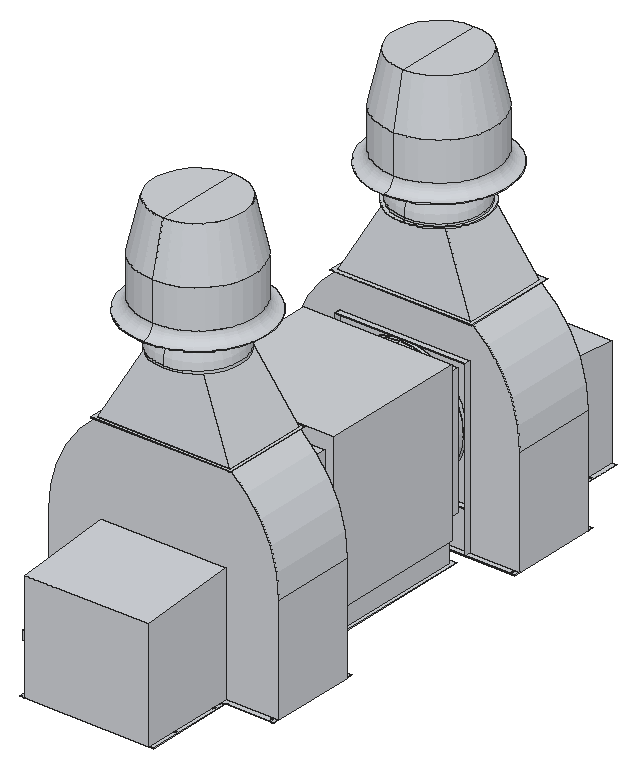
Revit family "CAVP_Opposed_with_Mixing_Box", category Mechanical Equipment, Revit 2019 (continued)
Types (228): name | TRANSITION/2 | TRANSITION | RO/2 | R-((B/2)+1.5") | R+((B/2)+1.5") | R*1.1 | R | OPP | MB_P-4.5" | MB_P+.25" | P | NOZZLE_WB_RAD-2" | NOZZLE_WB_RAD | NOZZLE_WB_OD | NOZZLE_WB/4 | NOZZLE_TOP_RAD | NOZZLE_TOP_OD | NOZZLE_SIZE | NOZZLE_HEIGHT/7*2 | NOZZLE_HEIGHT | NOZZLE_BOTTOM_RAD-3*2 | NOZZLE_BOTTOM_RAD | NOZZLE_BOTTOM_ID | MB_N-(D-J-K-L) | N+(H/2) | N | MB_Q | MB_P | MB_N | MB_HEIGHT/2 | MB_HEIGHT | MB_F | MB_A-D-MB_N-(D-J-K-L) | MB_A | M-(2*(D-L-K-J)) | M | L | K | J+K+L | J | HEIGHT | H/2 | H | F/2 | MB_F-3" | F | E/52*15 | E/2 | E | D-M | D-L-K-J | D | CURB_HEIGHT | CLASS | C/2 | C | B/4 | B/2 | B | A/2 | A | Type Comments | -MB_P-.25" | -(F-((F-H)/2))/2 | -((MB_Q / 2) + 1/8") | (NOZZLE_WB_OD - NOZZLE_TOP_OD) / 4 | (NOZZLE_HEIGHT - (NOZZLE_HEIGHT / 8 * 2)) / 2 | (MB_Q/2)+.125" | (MB_P/2)+.125" | (M - (2 * (D - L - K - J)))/2 | (F-((F-H)/2))/2 | (D-J-K-L)*2 | (B/2)-.125" | (B/2)+1.5" | ((M - (2 * (D - L - K - J))) / 2) + (TRANSITION / 2)
  365_CAVP-24H_CLASS_1_Dual_Opposed_Mixing_Box | 12.28598" | 24.57196" | 23 3/4" | 13 9/32" | 58 23/32" | 39.6" | 36" | 212" | 47 1/2" | 52 1/4" | 18 1/4" | 28 1/2" | 30 1/2" | 61" | 12.2" | 18 1/4" | 36 1/2" | 24" | 15 1/2" | 62" | 11 3/8" | 17 3/8" | 34 3/4" | 13 3/16" | 36 21/32" | 15 7/32" | 52" | 52" | 14 3/16" | 29 1/8" | 58 1/4" | 10 1/2" | 78 1/4" | 160 5/16" | 28 1/8" | 30 1/8" | 32 1/8" | 22 3/4" | 65 7/8" | 11" | 69.76237" | 21 7/16" | 42 7/8" | 22 7/16" | 7 1/2" | 44 7/8" | 22.30168" | 38 21/32" | 77 5/16" | 36 3/4" | 1" | 66 7/8" | 12" | 1" | 46 3/32" | 92 3/16" | 10 39/64" | 21 7/32" | 42 7/16" | 76 29/32" | 153 13/16" | "Dual Vari-Plume Laboratory Exhaust Centrifugal Airfoil Class 1 Arr 10 With Opposed Mixing Box" | -52 1/4" | -20 7/16" | -26 1/8" | 6 1/8" | 23 1/4" | 26 1/8" | 26 1/8" | 14 1/16" | 20 7/16" | 2" | 21 3/32" | 22 23/32" | 26.34848"
  365_CAVP-15L_CLASS_2_Dual_Opposed_Mixing_Box | 7.5572" | 15.11441" | 23 3/4" | 13 9/32" | 58 23/32" | 39.6" | 36" | 212 1/2" | 47 1/2" | 52 1/4" | 18 1/2" | 16" | 18" | 36" | 7.2" | 11 1/2" | 23" | 15" | 10 3/4" | 43" | 4 11/16" | 10 11/16" | 21 3/8" | 13 3/16" | 36 21/32" | 15 7/32" | 52" | 52" | 14 3/16" | 29 1/8" | 58 1/4" | 10 1/2" | 78 1/4" | 160 9/16" | 28 1/8" | 30 1/8" | 32 1/8" | 23" | 66 1/8" | 11" | 69.76237" | 21 7/16" | 42 7/8" | 22 7/16" | 7 1/2" | 44 7/8" | 22.30168" | 38 21/32" | 77 5/16" | 37" | 1" | 67 1/8" | 12" | 2" | 46 3/32" | 92 3/16" | 10 39/64" | 21 7/32" | 42 7/16" | 76 29/32" | 153 13/16" | "Dual Vari-Plume Laboratory Exhaust Centrifugal Airfoil Class 2 Arr 10 With Opposed Mixing Box" | -52 1/4" | -20 7/16" | -26 1/8" | 3 1/4" | 16 1/8" | 26 1/8" | 26 1/8" | 14 1/16" | 20 7/16" | 2" | 21 3/32" | 22 23/32" | 21.6197"
  365_CAVP-15H_CLASS_2_Dual_Opposed_Mixing_Box | 7.5572" | 15.11441" | 23 3/4" | 13 9/32" | 58 23/32" | 39.6" | 36" | 212 1/2" | 47 1/2" | 52 1/4" | 18 1/2" | 16" | 18" | 36" | 7.2" | 11 1/2" | 23" | 15" | 10 3/4" | 43" | 4 11/16" | 10 11/16" | 21 3/8" | 13 3/16" | 36 21/32" | 15 7/32" | 52" | 52" | 14 3/16" | 29 1/8" | 58 1/4" | 10 1/2" | 78 1/4" | 160 9/16" | 28 1/8" | 30 1/8" | 32 1/8" | 23" | 66 1/8" | 11" | 69.76237" | 21 7/16" | 42 7/8" | 22 7/16" | 7 1/2" | 44 7/8" | 22.30168" | 38 21/32" | 77 5/16" | 37" | 1" | 67 1/8" | 12" | 2" | 46 3/32" | 92 3/16" | 10 39/64" | 21 7/32" | 42 7/16" | 76 29/32" | 153 13/16" | "Dual Vari-Plume Laboratory Exhaust Centrifugal Airfoil Class 2 Arr 10 With Opposed Mixing Box" | -52 1/4" | -20 7/16" | -26 1/8" | 3 1/4" | 16 1/8" | 26 1/8" | 26 1/8" | 14 1/16" | 20 7/16" | 2" | 21 3/32" | 22 23/32" | 21.6197"
  365_CAVP-18L_CLASS_2_Dual_Opposed_Mixing_Box | 9.05981" | 18.11961" | 23 3/4" | 13 9/32" | 58 23/32" | 39.6" | 36" | 212 1/2" | 47 1/2" | 52 1/4" | 18 1/2" | 19 1/2" | 21 1/2" | 43" | 8.6" | 13 3/4" | 27 1/2" | 18" | 12" | 48" | 6 13/16" | 12 13/16" | 25 5/8" | 13 3/16" | 36 21/32" | 15 7/32" | 52" | 52" | 14 3/16" | 29 1/8" | 58 1/4" | 10 1/2" | 78 1/4" | 160 9/16" | 28 1/8" | 30 1/8" | 32 1/8" | 23" | 66 1/8" | 11" | 69.76237" | 21 7/16" | 42 7/8" | 22 7/16" | 7 1/2" | 44 7/8" | 22.30168" | 38 21/32" | 77 5/16" | 37" | 1" | 67 1/8" | 12" | 2" | 46 3/32" | 92 3/16" | 10 39/64" | 21 7/32" | 42 7/16" | 76 29/32" | 153 13/16" | "Dual Vari-Plume Laboratory Exhaust Centrifugal Airfoil Class 2 Arr 10 With Opposed Mixing Box" | -52 1/4" | -20 7/16" | -26 1/8" | 3 7/8" | 18" | 26 1/8" | 26 1/8" | 14 1/16" | 20 7/16" | 2" | 21 3/32" | 22 23/32" | 23.12231"
  365_CAVP-18H_CLASS_2_Dual_Opposed_Mixing_Box | 9.05981" | 18.11961" | 23 3/4" | 13 9/32" | 58 23/32" | 39.6" | 36" | 212 1/2" | 47 1/2" | 52 1/4" | 18 1/2" | 19 1/2" | 21 1/2" | 43" | 8.6" | 13 3/4" | 27 1/2" | 18" | 12" | 48" | 6 13/16" | 12 13/16" | 25 5/8" | 13 3/16" | 36 21/32" | 15 7/32" | 52" | 52" | 14 3/16" | 29 1/8" | 58 1/4" | 10 1/2" | 78 1/4" | 160 9/16" | 28 1/8" | 30 1/8" | 32 1/8" | 23" | 66 1/8" | 11" | 69.76237" | 21 7/16" | 42 7/8" | 22 7/16" | 7 1/2" | 44 7/8" | 22.30168" | 38 21/32" | 77 5/16" | 37" | 1" | 67 1/8" | 12" | 2" | 46 3/32" | 92 3/16" | 10 39/64" | 21 7/32" | 42 7/16" | 76 29/32" | 153 13/16" | "Dual Vari-Plume Laboratory Exhaust Centrifugal Airfoil Class 2 Arr 10 With Opposed Mixing Box" | -52 1/4" | -20 7/16" | -26 1/8" | 3 7/8" | 18" | 26 1/8" | 26 1/8" | 14 1/16" | 20 7/16" | 2" | 21 3/32" | 22 23/32" | 23.12231"
  365_CAVP-24L_CLASS_2_Dual_Opposed_Mixing_Box | 12.28598" | 24.57196" | 23 3/4" | 13 9/32" | 58 23/32" | 39.6" | 36" | 212 1/2" | 47 1/2" | 52 1/4" | 18 1/2" | 28 1/2" | 30 1/2" | 61" | 12.2" | 18 1/4" | 36 1/2" | 24" | 15 1/2" | 62" | 11 3/8" | 17 3/8" | 34 3/4" | 13 3/16" | 36 21/32" | 15 7/32" | 52" | 52" | 14 3/16" | 29 1/8" | 58 1/4" | 10 1/2" | 78 1/4" | 160 9/16" | 28 1/8" | 30 1/8" | 32 1/8" | 23" | 66 1/8" | 11" | 69.76237" | 21 7/16" | 42 7/8" | 22 7/16" | 7 1/2" | 44 7/8" | 22.30168" | 38 21/32" | 77 5/16" | 37" | 1" | 67 1/8" | 12" | 2" | 46 3/32" | 92 3/16" | 10 39/64" | 21 7/32" | 42 7/16" | 76 29/32" | 153 13/16" | "Dual Vari-Plume Laboratory Exhaust Centrifugal Airfoil Class 2 Arr 10 With Opposed Mixing Box" | -52 1/4" | -20 7/16" | -26 1/8" | 6 1/8" | 23 1/4" | 26 1/8" | 26 1/8" | 14 1/16" | 20 7/16" | 2" | 21 3/32" | 22 23/32" | 26.34848"
  365_CAVP-24H_CLASS_2_Dual_Opposed_Mixing_Box | 12.28598" | 24.57196" | 23 3/4" | 13 9/32" | 58 23/32" | 39.6" | 36" | 212 1/2" | 47 1/2" | 52 1/4" | 18 1/2" | 28 1/2" | 30 1/2" | 61" | 12.2" | 18 1/4" | 36 1/2" | 24" | 15 1/2" | 62" | 11 3/8" | 17 3/8" | 34 3/4" | 13 3/16" | 36 21/32" | 15 7/32" | 52" | 52" | 14 3/16" | 29 1/8" | 58 1/4" | 10 1/2" | 78 1/4" | 160 9/16" | 28 1/8" | 30 1/8" | 32 1/8" | 23" | 66 1/8" | 11" | 69.76237" | 21 7/16" | 42 7/8" | 22 7/16" | 7 1/2" | 44 7/8" | 22.30168" | 38 21/32" | 77 5/16" | 37" | 1" | 67 1/8" | 12" | 2" | 46 3/32" | 92 3/16" | 10 39/64" | 21 7/32" | 42 7/16" | 76 29/32" | 153 13/16" | "Dual Vari-Plume Laboratory Exhaust Centrifugal Airfoil Class 2 Arr 10 With Opposed Mixing Box" | -52 1/4" | -20 7/16" | -26 1/8" | 6 1/8" | 23 1/4" | 26 1/8" | 26 1/8" | 14 1/16" | 20 7/16" | 2" | 21 3/32" | 22 23/32" | 26.34848"
  402_CAVP-18L_CLASS_1_Dual_Opposed_Mixing_Box | 9.05981" | 18.11961" | 25 3/4" | 15 29/32" | 64 3/32" | 44" | 40" | 225 1/2" | 51 1/2" | 56 1/4" | 18 1/4" | 19 1/2" | 21 1/2" | 43" | 8.6" | 13 3/4" | 27 1/2" | 18" | 12" | 48" | 6 13/16" | 12 13/16" | 25 5/8" | 12 3/16" | 40 15/32" | 17 3/32" | 56" | 56" | 13 9/16" | 32 1/4" | 64 1/2" | 12 5/8" | 83 7/8" | 171 1/16" | 31 1/2" | 34 1/4" | 36 1/2" | 21 7/8" | 70 7/8" | 12 1/2" | 77.09221" | 23 3/8" | 46 3/4" | 24 3/8" | 9 5/8" | 48 3/4" | 24.5012" | 42 15/32" | 84 15/16" | 38" | 1 3/8" | 72 1/4" | 12" | 1" | 50 3/8" | 100 3/4" | 11 19/64" | 22 19/32" | 45 3/16" | 89 3/8" | 178 3/4" | "Dual Vari-Plume Laboratory Exhaust Centrifugal Airfoil Class 1 Arr 10 With Opposed Mixing Box" | -56 1/4" | -22 3/8" | -28 1/8" | 3 7/8" | 18" | 28 1/8" | 28 1/8" | 15 3/4" | 22 3/8" | 2 3/4" | 22 15/32" | 24 3/32" | 24.80981"
  402_CAVP-18H_CLASS_1_Dual_Opposed_Mixing_Box | 9.05981" | 18.11961" | 25 3/4" | 15 29/32" | 64 3/32" | 44" | 40" | 225 1/2" | 51 1/2" | 56 1/4" | 18 1/4" | 19 1/2" | 21 1/2" | 43" | 8.6" | 13 3/4" | 27 1/2" | 18" | 12" | 48" | 6 13/16" | 12 13/16" | 25 5/8" | 12 3/16" | 40 15/32" | 17 3/32" | 56" | 56" | 13 9/16" | 32 1/4" | 64 1/2" | 12 5/8" | 83 7/8" | 171 1/16" | 31 1/2" | 34 1/4" | 36 1/2" | 21 7/8" | 70 7/8" | 12 1/2" | 77.09221" | 23 3/8" | 46 3/4" | 24 3/8" | 9 5/8" | 48 3/4" | 24.5012" | 42 15/32" | 84 15/16" | 38" | 1 3/8" | 72 1/4" | 12" | 1" | 50 3/8" | 100 3/4" | 11 19/64" | 22 19/32" | 45 3/16" | 89 3/8" | 178 3/4" | "Dual Vari-Plume Laboratory Exhaust Centrifugal Airfoil Class 1 Arr 10 With Opposed Mixing Box" | -56 1/4" | -22 3/8" | -28 1/8" | 3 7/8" | 18" | 28 1/8" | 28 1/8" | 15 3/4" | 22 3/8" | 2 3/4" | 22 15/32" | 24 3/32" | 24.80981"
  402_CAVP-24L_CLASS_1_Dual_Opposed_Mixing_Box | 12.28598" | 24.57196" | 25 3/4" | 15 29/32" | 64 3/32" | 44" | 40" | 225 1/2" | 51 1/2" | 56 1/4" | 18 1/4" | 28 1/2" | 30 1/2" | 61" | 12.2" | 18 1/4" | 36 1/2" | 24" | 15 1/2" | 62" | 11 3/8" | 17 3/8" | 34 3/4" | 12 3/16" | 40 15/32" | 17 3/32" | 56" | 56" | 13 9/16" | 32 1/4" | 64 1/2" | 12 5/8" | 83 7/8" | 171 1/16" | 31 1/2" | 34 1/4" | 36 1/2" | 21 7/8" | 70 7/8" | 12 1/2" | 77.09221" | 23 3/8" | 46 3/4" | 24 3/8" | 9 5/8" | 48 3/4" | 24.5012" | 42 15/32" | 84 15/16" | 38" | 1 3/8" | 72 1/4" | 12" | 1" | 50 3/8" | 100 3/4" | 11 19/64" | 22 19/32" | 45 3/16" | 89 3/8" | 178 3/4" | "Dual Vari-Plume Laboratory Exhaust Centrifugal Airfoil Class 1 Arr 10 With Opposed Mixing Box" | -56 1/4" | -22 3/8" | -28 1/8" | 6 1/8" | 23 1/4" | 28 1/8" | 28 1/8" | 15 3/4" | 22 3/8" | 2 3/4" | 22 15/32" | 24 3/32" | 28.03598"
  402_CAVP-24H_CLASS_1_Dual_Opposed_Mixing_Box | 12.28598" | 24.57196" | 25 3/4" | 15 29/32" | 64 3/32" | 44" | 40" | 225 1/2" | 51 1/2" | 56 1/4" | 18 1/4" | 28 1/2" | 30 1/2" | 61" | 12.2" | 18 1/4" | 36 1/2" | 24" | 15 1/2" | 62" | 11 3/8" | 17 3/8" | 34 3/4" | 12 3/16" | 40 15/32" | 17 3/32" | 56" | 56" | 13 9/16" | 32 1/4" | 64 1/2" | 12 5/8" | 83 7/8" | 171 1/16" | 31 1/2" | 34 1/4" | 36 1/2" | 21 7/8" | 70 7/8" | 12 1/2" | 77.09221" | 23 3/8" | 46 3/4" | 24 3/8" | 9 5/8" | 48 3/4" | 24.5012" | 42 15/32" | 84 15/16" | 38" | 1 3/8" | 72 1/4" | 12" | 1" | 50 3/8" | 100 3/4" | 11 19/64" | 22 19/32" | 45 3/16" | 89 3/8" | 178 3/4" | "Dual Vari-Plume Laboratory Exhaust Centrifugal Airfoil Class 1 Arr 10 With Opposed Mixing Box" | -56 1/4" | -22 3/8" | -28 1/8" | 6 1/8" | 23 1/4" | 28 1/8" | 28 1/8" | 15 3/4" | 22 3/8" | 2 3/4" | 22 15/32" | 24 3/32" | 28.03598"
  402_CAVP-30L_CLASS_1_Dual_Opposed_Mixing_Box | 15.02602" | 30.05204" | 25 3/4" | 15 29/32" | 64 3/32" | 44" | 40" | 225 1/2" | 51 1/2" | 56 1/4" | 18 1/4" | 35" | 37" | 74" | 14.8" | 22 3/4" | 45 1/2" | 30" | 19 1/2" | 78" | 15 1/4" | 21 1/4" | 42 1/2" | 12 3/16" | 40 15/32" | 17 3/32" | 56" | 56" | 13 9/16" | 32 1/4" | 64 1/2" | 12 5/8" | 83 7/8" | 171 1/16" | 31 1/2" | 34 1/4" | 36 1/2" | 21 7/8" | 70 7/8" | 12 1/2" | 77.09221" | 23 3/8" | 46 3/4" | 24 3/8" | 9 5/8" | 48 3/4" | 24.5012" | 42 15/32" | 84 15/16" | 38" | 1 3/8" | 72 1/4" | 12" | 1" | 50 3/8" | 100 3/4" | 11 19/64" | 22 19/32" | 45 3/16" | 89 3/8" | 178 3/4" | "Dual Vari-Plume Laboratory Exhaust Centrifugal Airfoil Class 1 Arr 10 With Opposed Mixing Box" | -56 1/4" | -22 3/8" | -28 1/8" | 7 1/8" | 29 1/4" | 28 1/8" | 28 1/8" | 15 3/4" | 22 3/8" | 2 3/4" | 22 15/32" | 24 3/32" | 30.77602"
  402_CAVP-30H_CLASS_1_Dual_Opposed_Mixing_Box | 15.02602" | 30.05204" | 25 3/4" | 15 29/32" | 64 3/32" | 44" | 40" | 225 1/2" | 51 1/2" | 56 1/4" | 18 1/4" | 35" | 37" | 74" | 14.8" | 22 3/4" | 45 1/2" | 30" | 19 1/2" | 78" | 15 1/4" | 21 1/4" | 42 1/2" | 12 3/16" | 40 15/32" | 17 3/32" | 56" | 56" | 13 9/16" | 32 1/4" | 64 1/2" | 12 5/8" | 83 7/8" | 171 1/16" | 31 1/2" | 34 1/4" | 36 1/2" | 21 7/8" | 70 7/8" | 12 1/2" | 77.09221" | 23 3/8" | 46 3/4" | 24 3/8" | 9 5/8" | 48 3/4" | 24.5012" | 42 15/32" | 84 15/16" | 38" | 1 3/8" | 72 1/4" | 12" | 1" | 50 3/8" | 100 3/4" | 11 19/64" | 22 19/32" | 45 3/16" | 89 3/8" | 178 3/4" | "Dual Vari-Plume Laboratory Exhaust Centrifugal Airfoil Class 1 Arr 10 With Opposed Mixing Box" | -56 1/4" | -22 3/8" | -28 1/8" | 7 1/8" | 29 1/4" | 28 1/8" | 28 1/8" | 15 3/4" | 22 3/8" | 2 3/4" | 22 15/32" | 24 3/32" | 30.77602"
  402_CAVP-18L_CLASS_2_Dual_Opposed_Mixing_Box | 9.05981" | 18.11961" | 25 3/4" | 15 29/32" | 64 3/32" | 44" | 40" | 225 1/2" | 51 1/2" | 56 1/4" | 19 1/2" | 19 1/2" | 21 1/2" | 43" | 8.6" | 13 3/4" | 27 1/2" | 18" | 12" | 48" | 6 13/16" | 12 13/16" | 25 5/8" | 12 3/16" | 40 15/32" | 17 3/32" | 56" | 56" | 13 9/16" | 32 1/4" | 64 1/2" | 12 5/8" | 83 7/8" | 171 1/16" | 31 1/2" | 34 1/4" | 36 1/2" | 21 7/8" | 70 7/8" | 12 1/2" | 77.09221" | 23 3/8" | 46 3/4" | 24 3/8" | 9 5/8" | 48 3/4" | 24.5012" | 42 15/32" | 84 15/16" | 38" | 1 3/8" | 72 1/4" | 12" | 2" | 50 3/8" | 100 3/4" | 11 19/64" | 22 19/32" | 45 3/16" | 89 3/8" | 178 3/4" | "Dual Vari-Plume Laboratory Exhaust Centrifugal Airfoil Class 2 Arr 10 With Opposed Mixing Box" | -56 1/4" | -22 3/8" | -28 1/8" | 3 7/8" | 18" | 28 1/8" | 28 1/8" | 15 3/4" | 22 3/8" | 2 3/4" | 22 15/32" | 24 3/32" | 24.80981"
  402_CAVP-18H_CLASS_2_Dual_Opposed_Mixing_Box | 9.05981" | 18.11961" | 25 3/4" | 15 29/32" | 64 3/32" | 44" | 40" | 225 1/2" | 51 1/2" | 56 1/4" | 19 1/2" | 19 1/2" | 21 1/2" | 43" | 8.6" | 13 3/4" | 27 1/2" | 18" | 12" | 48" | 6 13/16" | 12 13/16" | 25 5/8" | 12 3/16" | 40 15/32" | 17 3/32" | 56" | 56" | 13 9/16" | 32 1/4" | 64 1/2" | 12 5/8" | 83 7/8" | 171 1/16" | 31 1/2" | 34 1/4" | 36 1/2" | 21 7/8" | 70 7/8" | 12 1/2" | 77.09221" | 23 3/8" | 46 3/4" | 24 3/8" | 9 5/8" | 48 3/4" | 24.5012" | 42 15/32" | 84 15/16" | 38" | 1 3/8" | 72 1/4" | 12" | 2" | 50 3/8" | 100 3/4" | 11 19/64" | 22 19/32" | 45 3/16" | 89 3/8" | 178 3/4" | "Dual Vari-Plume Laboratory Exhaust Centrifugal Airfoil Class 2 Arr 10 With Opposed Mixing Box" | -56 1/4" | -22 3/8" | -28 1/8" | 3 7/8" | 18" | 28 1/8" | 28 1/8" | 15 3/4" | 22 3/8" | 2 3/4" | 22 15/32" | 24 3/32" | 24.80981"
  402_CAVP-24L_CLASS_2_Dual_Opposed_Mixing_Box | 12.28598" | 24.57196" | 25 3/4" | 15 29/32" | 64 3/32" | 44" | 40" | 223 5/8" | 51 1/2" | 56 1/4" | 19 1/2" | 28 1/2" | 30 1/2" | 61" | 12.2" | 18 1/4" | 36 1/2" | 24" | 15 1/2" | 62" | 11 3/8" | 17 3/8" | 34 3/4" | 11 1/4" | 40 15/32" | 17 3/32" | 56" | 56" | 12 5/8" | 32 1/4" | 64 1/2" | 12 5/8" | 84 13/16" | 171 1/16" | 31 1/2" | 34 1/4" | 36 1/2" | 21 7/8" | 70 7/8" | 12 1/2" | 77.09221" | 23 3/8" | 46 3/4" | 24 3/8" | 9 5/8" | 48 3/4" | 24.5012" | 42 15/32" | 84 15/16" | 38" | 1 3/8" | 72 1/4" | 12" | 2" | 50 3/8" | 100 3/4" | 11 19/64" | 22 19/32" | 45 3/16" | 89 3/8" | 178 3/4" | "Dual Vari-Plume Laboratory Exhaust Centrifugal Airfoil Class 2 Arr 10 With Opposed Mixing Box" | -56 1/4" | -22 3/8" | -28 1/8" | 6 1/8" | 23 1/4" | 28 1/8" | 28 1/8" | 15 3/4" | 22 3/8" | 2 3/4" | 22 15/32" | 24 3/32" | 28.03598"
  402_CAVP-24H_CLASS_2_Dual_Opposed_Mixing_Box | 12.28598" | 24.57196" | 25 3/4" | 15 29/32" | 64 3/32" | 44" | 40" | 225 1/2" | 51 1/2" | 56 1/4" | 19 1/2" | 28 1/2" | 30 1/2" | 61" | 12.2" | 18 1/4" | 36 1/2" | 24" | 15 1/2" | 62" | 11 3/8" | 17 3/8" | 34 3/4" | 12 3/16" | 40 15/32" | 17 3/32" | 56" | 56" | 13 9/16" | 32 1/4" | 64 1/2" | 12 5/8" | 83 7/8" | 171 1/16" | 31 1/2" | 34 1/4" | 36 1/2" | 21 7/8" | 70 7/8" | 12 1/2" | 77.09221" | 23 3/8" | 46 3/4" | 24 3/8" | 9 5/8" | 48 3/4" | 24.5012" | 42 15/32" | 84 15/16" | 38" | 1 3/8" | 72 1/4" | 12" | 2" | 50 3/8" | 100 3/4" | 11 19/64" | 22 19/32" | 45 3/16" | 89 3/8" | 178 3/4" | "Dual Vari-Plume Laboratory Exhaust Centrifugal Airfoil Class 2 Arr 10 With Opposed Mixing Box" | -56 1/4" | -22 3/8" | -28 1/8" | 6 1/8" | 23 1/4" | 28 1/8" | 28 1/8" | 15 3/4" | 22 3/8" | 2 3/4" | 22 15/32" | 24 3/32" | 28.03598"
  402_CAVP-30L_CLASS_2_Dual_Opposed_Mixing_Box | 15.02602" | 30.05204" | 25 3/4" | 15 29/32" | 64 3/32" | 44" | 40" | 225 1/2" | 51 1/2" | 56 1/4" | 19 1/2" | 35" | 37" | 74" | 14.8" | 22 3/4" | 45 1/2" | 30" | 19 1/2" | 78" | 15 1/4" | 21 1/4" | 42 1/2" | 12 3/16" | 40 15/32" | 17 3/32" | 56" | 56" | 13 9/16" | 32 1/4" | 64 1/2" | 12 5/8" | 83 7/8" | 171 1/16" | 31 1/2" | 34 1/4" | 36 1/2" | 21 7/8" | 70 7/8" | 12 1/2" | 77.09221" | 23 3/8" | 46 3/4" | 24 3/8" | 9 5/8" | 48 3/4" | 24.5012" | 42 15/32" | 84 15/16" | 38" | 1 3/8" | 72 1/4" | 12" | 2" | 50 3/8" | 100 3/4" | 11 19/64" | 22 19/32" | 45 3/16" | 89 3/8" | 178 3/4" | "Dual Vari-Plume Laboratory Exhaust Centrifugal Airfoil Class 2 Arr 10 With Opposed Mixing Box" | -56 1/4" | -22 3/8" | -28 1/8" | 7 1/8" | 29 1/4" | 28 1/8" | 28 1/8" | 15 3/4" | 22 3/8" | 2 3/4" | 22 15/32" | 24 3/32" | 30.77602"
  402_CAVP-30H_CLASS_2_Dual_Opposed_Mixing_Box | 15.02602" | 30.05204" | 25 3/4" | 15 29/32" | 64 3/32" | 44" | 40" | 225 1/2" | 51 1/2" | 56 1/4" | 19 1/2" | 35" | 37" | 74" | 14.8" | 22 3/4" | 45 1/2" | 30" | 19 1/2" | 78" | 15 1/4" | 21 1/4" | 42 1/2" | 12 3/16" | 40 15/32" | 17 3/32" | 56" | 56" | 13 9/16" | 32 1/4" | 64 1/2" | 12 5/8" | 83 7/8" | 171 1/16" | 31 1/2" | 34 1/4" | 36 1/2" | 21 7/8" | 70 7/8" | 12 1/2" | 77.09221" | 23 3/8" | 46 3/4" | 24 3/8" | 9 5/8" | 48 3/4" | 24.5012" | 42 15/32" | 84 15/16" | 38" | 1 3/8" | 72 1/4" | 12" | 2" | 50 3/8" | 100 3/4" | 11 19/64" | 22 19/32" | 45 3/16" | 89 3/8" | 178 3/4" | "Dual Vari-Plume Laboratory Exhaust Centrifugal Airfoil Class 2 Arr 10 With Opposed Mixing Box" | -56 1/4" | -22 3/8" | -28 1/8" | 7 1/8" | 29 1/4" | 28 1/8" | 28 1/8" | 15 3/4" | 22 3/8" | 2 3/4" | 22 15/32" | 24 3/32" | 30.77602"
  445_CAVP-24H_CLASS_1_Dual_Opposed_Mixing_Box | 12.28598" | 24.57196" | 27 3/4" | 17 25/32" | 70 7/32" | 48.4" | 44" | 245" | 55 1/2" | 60 1/4" | 18 1/4" | 28 1/2" | 30 1/2" | 61" | 12.2" | 18 1/4" | 36 1/2" | 24" | 15 1/2" | 62" | 11 3/8" | 17 3/8" | 34 3/4" | 12 3/16" | 44 27/32" | 19 15/32" | 60" | 60" | 13 9/16" | 34 7/8" | 69 3/4" | 14 1/2" | 91 1/4" | 186 3/16" | 34 3/4" | 37 1/2" | 39 3/4" | 25 7/8" | 78 5/8" | 13" | 84.91333" | 25 3/8" | 50 3/4" | 26 3/8" | 11 1/2" | 52 3/4" | 27.02524" | 46 27/32" | 93 11/16" | 42 1/2" | 1 3/8" | 80" | 12" | 1" | 56 7/16" | 112 7/8" | 12 23/64" | 24 23/32" | 49 7/16" | 95 7/16" | 190 7/8" | "Dual Vari-Plume Laboratory Exhaust Centrifugal Airfoil Class 1 Arr 10 With Opposed Mixing Box" | -60 1/4" | -24 3/8" | -30 1/8" | 6 1/8" | 23 1/4" | 30 1/8" | 30 1/8" | 17 3/8" | 24 3/8" | 2 3/4" | 24 19/32" | 26 7/32" | 29.66098"
  445_CAVP-24L_CLASS_1_Dual_Opposed_Mixing_Box | 12.28598" | 24.57196" | 27 3/4" | 17 25/32" | 70 7/32" | 48.4" | 44" | 245" | 55 1/2" | 60 1/4" | 18 1/4" | 28 1/2" | 30 1/2" | 61" | 12.2" | 18 1/4" | 36 1/2" | 24" | 15 1/2" | 62" | 11 3/8" | 17 3/8" | 34 3/4" | 12 3/16" | 44 27/32" | 19 15/32" | 60" | 60" | 13 9/16" | 34 7/8" | 69 3/4" | 14 1/2" | 91 1/4" | 186 3/16" | 34 3/4" | 37 1/2" | 39 3/4" | 25 7/8" | 78 5/8" | 13" | 84.91333" | 25 3/8" | 50 3/4" | 26 3/8" | 11 1/2" | 52 3/4" | 27.02524" | 46 27/32" | 93 11/16" | 42 1/2" | 1 3/8" | 80" | 12" | 1" | 56 7/16" | 112 7/8" | 12 23/64" | 24 23/32" | 49 7/16" | 95 7/16" | 190 7/8" | "Dual Vari-Plume Laboratory Exhaust Centrifugal Airfoil Class 1 Arr 10 With Opposed Mixing Box" | -60 1/4" | -24 3/8" | -30 1/8" | 6 1/8" | 23 1/4" | 30 1/8" | 30 1/8" | 17 3/8" | 24 3/8" | 2 3/4" | 24 19/32" | 26 7/32" | 29.66098"
  445_CAVP-30H_CLASS_1_Dual_Opposed_Mixing_Box | 15.02602" | 30.05204" | 27 3/4" | 17 25/32" | 70 7/32" | 48.4" | 44" | 245" | 55 1/2" | 60 1/4" | 18 1/4" | 35" | 37" | 74" | 14.8" | 22 3/4" | 45 1/2" | 30" | 19 1/2" | 78" | 15 1/4" | 21 1/4" | 42 1/2" | 12 3/16" | 44 27/32" | 19 15/32" | 60" | 60" | 13 9/16" | 34 7/8" | 69 3/4" | 14 1/2" | 91 1/4" | 186 3/16" | 34 3/4" | 37 1/2" | 39 3/4" | 25 7/8" | 78 5/8" | 13" | 84.91333" | 25 3/8" | 50 3/4" | 26 3/8" | 11 1/2" | 52 3/4" | 27.02524" | 46 27/32" | 93 11/16" | 42 1/2" | 1 3/8" | 80" | 12" | 1" | 56 7/16" | 112 7/8" | 12 23/64" | 24 23/32" | 49 7/16" | 95 7/16" | 190 7/8" | "Dual Vari-Plume Laboratory Exhaust Centrifugal Airfoil Class 1 Arr 10 With Opposed Mixing Box" | -60 1/4" | -24 3/8" | -30 1/8" | 7 1/8" | 29 1/4" | 30 1/8" | 30 1/8" | 17 3/8" | 24 3/8" | 2 3/4" | 24 19/32" | 26 7/32" | 32.40102"
  445_CAVP-30L_CLASS_1_Dual_Opposed_Mixing_Box | 15.02602" | 30.05204" | 27 3/4" | 17 25/32" | 70 7/32" | 48.4" | 44" | 245" | 55 1/2" | 60 1/4" | 18 1/4" | 35" | 37" | 74" | 14.8" | 22 3/4" | 45 1/2" | 30" | 19 1/2" | 78" | 15 1/4" | 21 1/4" | 42 1/2" | 12 3/16" | 44 27/32" | 19 15/32" | 60" | 60" | 13 9/16" | 34 7/8" | 69 3/4" | 14 1/2" | 91 1/4" | 186 3/16" | 34 3/4" | 37 1/2" | 39 3/4" | 25 7/8" | 78 5/8" | 13" | 84.91333" | 25 3/8" | 50 3/4" | 26 3/8" | 11 1/2" | 52 3/4" | 27.02524" | 46 27/32" | 93 11/16" | 42 1/2" | 1 3/8" | 80" | 12" | 1" | 56 7/16" | 112 7/8" | 12 23/64" | 24 23/32" | 49 7/16" | 95 7/16" | 190 7/8" | "Dual Vari-Plume Laboratory Exhaust Centrifugal Airfoil Class 1 Arr 10 With Opposed Mixing Box" | -60 1/4" | -24 3/8" | -30 1/8" | 7 1/8" | 29 1/4" | 30 1/8" | 30 1/8" | 17 3/8" | 24 3/8" | 2 3/4" | 24 19/32" | 26 7/32" | 32.40102"
  445_CAVP-24H_CLASS_2_Dual_Opposed_Mixing_Box | 12.28598" | 24.57196" | 27 3/4" | 17 25/32" | 70 7/32" | 48.4" | 44" | 245" | 55 1/2" | 60 1/4" | 19 1/2" | 28 1/2" | 30 1/2" | 61" | 12.2" | 18 1/4" | 36 1/2" | 24" | 15 1/2" | 62" | 11 3/8" | 17 3/8" | 34 3/4" | 12 3/16" | 44 27/32" | 19 15/32" | 60" | 60" | 13 9/16" | 34 7/8" | 69 3/4" | 14 1/2" | 91 1/4" | 186 3/16" | 34 3/4" | 37 1/2" | 39 3/4" | 25 7/8" | 78 5/8" | 13" | 84.91333" | 25 3/8" | 50 3/4" | 26 3/8" | 11 1/2" | 52 3/4" | 27.02524" | 46 27/32" | 93 11/16" | 42 1/2" | 1 3/8" | 80" | 12" | 2" | 56 7/16" | 112 7/8" | 12 23/64" | 24 23/32" | 49 7/16" | 95 7/16" | 190 7/8" | "Dual Vari-Plume Laboratory Exhaust Centrifugal Airfoil Class 2 Arr 10 With Opposed Mixing Box" | -60 1/4" | -24 3/8" | -30 1/8" | 6 1/8" | 23 1/4" | 30 1/8" | 30 1/8" | 17 3/8" | 24 3/8" | 2 3/4" | 24 19/32" | 26 7/32" | 29.66098"
  445_CAVP-24L_CLASS_2_Dual_Opposed_Mixing_Box | 12.28598" | 24.57196" | 27 3/4" | 17 25/32" | 70 7/32" | 48.4" | 44" | 243" | 55 1/2" | 60 1/4" | 19 1/2" | 28 1/2" | 30 1/2" | 61" | 12.2" | 18 1/4" | 36 1/2" | 24" | 15 1/2" | 62" | 11 3/8" | 17 3/8" | 34 3/4" | 11 3/16" | 44 27/32" | 19 15/32" | 60" | 60" | 12 9/16" | 34 7/8" | 69 3/4" | 14 1/2" | 92 1/4" | 186 3/16" | 34 3/4" | 37 1/2" | 39 3/4" | 25 7/8" | 78 5/8" | 13" | 84.91333" | 25 3/8" | 50 3/4" | 26 3/8" | 11 1/2" | 52 3/4" | 27.02524" | 46 27/32" | 93 11/16" | 42 1/2" | 1 3/8" | 80" | 12" | 2" | 56 7/16" | 112 7/8" | 12 23/64" | 24 23/32" | 49 7/16" | 95 7/16" | 190 7/8" | "Dual Vari-Plume Laboratory Exhaust Centrifugal Airfoil Class 2 Arr 10 With Opposed Mixing Box" | -60 1/4" | -24 3/8" | -30 1/8" | 6 1/8" | 23 1/4" | 30 1/8" | 30 1/8" | 17 3/8" | 24 3/8" | 2 3/4" | 24 19/32" | 26 7/32" | 29.66098"
  445_CAVP-30H_CLASS_2_Dual_Opposed_Mixing_Box | 15.02602" | 30.05204" | 27 3/4" | 17 25/32" | 70 7/32" | 48.4" | 44" | 245" | 55 1/2" | 60 1/4" | 19 1/2" | 35" | 37" | 74" | 14.8" | 22 3/4" | 45 1/2" | 30" | 19 1/2" | 78" | 15 1/4" | 21 1/4" | 42 1/2" | 12 3/16" | 44 27/32" | 19 15/32" | 60" | 60" | 13 9/16" | 34 7/8" | 69 3/4" | 14 1/2" | 91 1/4" | 186 3/16" | 34 3/4" | 37 1/2" | 39 3/4" | 25 7/8" | 78 5/8" | 13" | 84.91333" | 25 3/8" | 50 3/4" | 26 3/8" | 11 1/2" | 52 3/4" | 27.02524" | 46 27/32" | 93 11/16" | 42 1/2" | 1 3/8" | 80" | 12" | 2" | 56 7/16" | 112 7/8" | 12 23/64" | 24 23/32" | 49 7/16" | 95 7/16" | 190 7/8" | "Dual Vari-Plume Laboratory Exhaust Centrifugal Airfoil Class 2 Arr 10 With Opposed Mixing Box" | -60 1/4" | -24 3/8" | -30 1/8" | 7 1/8" | 29 1/4" | 30 1/8" | 30 1/8" | 17 3/8" | 24 3/8" | 2 3/4" | 24 19/32" | 26 7/32" | 32.40102"
  445_CAVP-30L_CLASS_2_Dual_Opposed_Mixing_Box | 15.02602" | 30.05204" | 27 3/4" | 17 25/32" | 70 7/32" | 48.4" | 44" | 245" | 55 1/2" | 60 1/4" | 19 1/2" | 35" | 37" | 74" | 14.8" | 22 3/4" | 45 1/2" | 30" | 19 1/2" | 78" | 15 1/4" | 21 1/4" | 42 1/2" | 12 3/16" | 44 27/32" | 19 15/32" | 60" | 60" | 13 9/16" | 34 7/8" | 69 3/4" | 14 1/2" | 91 1/4" | 186 3/16" | 34 3/4" | 37 1/2" | 39 3/4" | 25 7/8" | 78 5/8" | 13" | 84.91333" | 25 3/8" | 50 3/4" | 26 3/8" | 11 1/2" | 52 3/4" | 27.02524" | 46 27/32" | 93 11/16" | 42 1/2" | 1 3/8" | 80" | 12" | 2" | 56 7/16" | 112 7/8" | 12 23/64" | 24 23/32" | 49 7/16" | 95 7/16" | 190 7/8" | "Dual Vari-Plume Laboratory Exhaust Centrifugal Airfoil Class 2 Arr 10 With Opposed Mixing Box" | -60 1/4" | -24 3/8" | -30 1/8" | 7 1/8" | 29 1/4" | 30 1/8" | 30 1/8" | 17 3/8" | 24 3/8" | 2 3/4" | 24 19/32" | 26 7/32" | 32.40102"
  490_CAVP-24H_CLASS_1_Dual_Opposed_Mixing_Box | 12.28598" | 24.57196" | 30 3/4" | 19" | 77" | 52.8" | 48" | 250 7/8" | 61 1/2" | 66 1/4" | 18 1/2" | 28 1/2" | 30 1/2" | 61" | 12.2" | 18 1/4" | 36 1/2" | 24" | 15 1/2" | 62" | 11 3/8" | 17 3/8" | 34 3/4" | 12 3/16" | 49 15/32" | 20 5/8" | 66" | 66" | 13 9/16" | 35 3/8" | 70 3/4" | 15 3/4" | 97" | 191 7/8" | 38 3/16" | 40 15/16" | 43 3/16" | 21 7/8" | 78 9/16" | 13 1/2" | 92.95281" | 28 27/32" | 57 11/16" | 29 27/32" | 12 3/4" | 59 11/16" | 29.69351" | 51 15/32" | 102 15/16" | 39" | 1 3/8" | 79 15/16" | 12" | 1" | 61 17/32" | 123 1/16" | 13 3/4" | 27 1/2" | 55" | 108 29/32" | 217 13/16" | "Dual Vari-Plume Laboratory Exhaust Centrifugal Airfoil Class 1 Arr 10 With Opposed Mixing Box" | -66 1/4" | -27 27/32" | -33 1/8" | 6 1/8" | 23 1/4" | 33 1/8" | 33 1/8" | 19 3/32" | 27 27/32" | 2 3/4" | 27 3/8" | 29" | 31.37973"
  490_CAVP-24L_CLASS_1_Dual_Opposed_Mixing_Box | 12.28598" | 24.57196" | 30 3/4" | 19" | 77" | 52.8" | 48" | 250 7/8" | 61 1/2" | 66 1/4" | 18 1/2" | 28 1/2" | 30 1/2" | 61" | 12.2" | 18 1/4" | 36 1/2" | 24" | 15 1/2" | 62" | 11 3/8" | 17 3/8" | 34 3/4" | 12 3/16" | 49 15/32" | 20 5/8" | 66" | 66" | 13 9/16" | 35 3/8" | 70 3/4" | 15 3/4" | 97" | 191 7/8" | 38 3/16" | 40 15/16" | 43 3/16" | 21 7/8" | 78 9/16" | 13 1/2" | 92.95281" | 28 27/32" | 57 11/16" | 29 27/32" | 12 3/4" | 59 11/16" | 29.69351" | 51 15/32" | 102 15/16" | 39" | 1 3/8" | 79 15/16" | 12" | 1" | 61 17/32" | 123 1/16" | 13 3/4" | 27 1/2" | 55" | 108 29/32" | 217 13/16" | "Dual Vari-Plume Laboratory Exhaust Centrifugal Airfoil Class 1 Arr 10 With Opposed Mixing Box" | -66 1/4" | -27 27/32" | -33 1/8" | 6 1/8" | 23 1/4" | 33 1/8" | 33 1/8" | 19 3/32" | 27 27/32" | 2 3/4" | 27 3/8" | 29" | 31.37973"
  490_CAVP-30H_CLASS_1_Dual_Opposed_Mixing_Box | 15.02602" | 30.05204" | 30 3/4" | 19" | 77" | 52.8" | 48" | 250 7/8" | 61 1/2" | 66 1/4" | 18 1/2" | 35" | 37" | 74" | 14.8" | 22 3/4" | 45 1/2" | 30" | 19 1/2" | 78" | 15 1/4" | 21 1/4" | 42 1/2" | 12 3/16" | 49 15/32" | 20 5/8" | 66" | 66" | 13 9/16" | 35 3/8" | 70 3/4" | 15 3/4" | 97" | 191 7/8" | 38 3/16" | 40 15/16" | 43 3/16" | 21 7/8" | 78 9/16" | 13 1/2" | 92.95281" | 28 27/32" | 57 11/16" | 29 27/32" | 12 3/4" | 59 11/16" | 29.69351" | 51 15/32" | 102 15/16" | 39" | 1 3/8" | 79 15/16" | 12" | 1" | 61 17/32" | 123 1/16" | 13 3/4" | 27 1/2" | 55" | 108 29/32" | 217 13/16" | "Dual Vari-Plume Laboratory Exhaust Centrifugal Airfoil Class 1 Arr 10 With Opposed Mixing Box" | -66 1/4" | -27 27/32" | -33 1/8" | 7 1/8" | 29 1/4" | 33 1/8" | 33 1/8" | 19 3/32" | 27 27/32" | 2 3/4" | 27 3/8" | 29" | 34.11977"
  490_CAVP-30L_CLASS_1_Dual_Opposed_Mixing_Box | 15.02602" | 30.05204" | 30 3/4" | 19" | 77" | 52.8" | 48" | 250 7/8" | 61 1/2" | 66 1/4" | 18 1/2" | 35" | 37" | 74" | 14.8" | 22 3/4" | 45 1/2" | 30" | 19 1/2" | 78" | 15 1/4" | 21 1/4" | 42 1/2" | 12 3/16" | 49 15/32" | 20 5/8" | 66" | 66" | 13 9/16" | 35 3/8" | 70 3/4" | 15 3/4" | 97" | 191 7/8" | 38 3/16" | 40 15/16" | 43 3/16" | 21 7/8" | 78 9/16" | 13 1/2" | 92.95281" | 28 27/32" | 57 11/16" | 29 27/32" | 12 3/4" | 59 11/16" | 29.69351" | 51 15/32" | 102 15/16" | 39" | 1 3/8" | 79 15/16" | 12" | 1" | 61 17/32" | 123 1/16" | 13 3/4" | 27 1/2" | 55" | 108 29/32" | 217 13/16" | "Dual Vari-Plume Laboratory Exhaust Centrifugal Airfoil Class 1 Arr 10 With Opposed Mixing Box" | -66 1/4" | -27 27/32" | -33 1/8" | 7 1/8" | 29 1/4" | 33 1/8" | 33 1/8" | 19 3/32" | 27 27/32" | 2 3/4" | 27 3/8" | 29" | 34.11977"
  490_CAVP-36H_CLASS_1_Dual_Opposed_Mixing_Box | 18.29639" | 36.59278" | 30 3/4" | 19" | 77" | 52.8" | 48" | 250 7/8" | 61 1/2" | 66 1/4" | 18 1/2" | 43" | 45" | 90" | 18" | 29" | 58" | 36" | 23 3/4" | 95" | 19 7/8" | 25 7/8" | 51 3/4" | 12 3/16" | 49 15/32" | 20 5/8" | 66" | 66" | 13 9/16" | 35 3/8" | 70 3/4" | 15 3/4" | 97" | 191 7/8" | 38 3/16" | 40 15/16" | 43 3/16" | 21 7/8" | 78 9/16" | 13 1/2" | 92.95281" | 28 27/32" | 57 11/16" | 29 27/32" | 12 3/4" | 59 11/16" | 29.69351" | 51 15/32" | 102 15/16" | 39" | 1 3/8" | 79 15/16" | 12" | 1" | 61 17/32" | 123 1/16" | 13 3/4" | 27 1/2" | 55" | 108 29/32" | 217 13/16" | "Dual Vari-Plume Laboratory Exhaust Centrifugal Airfoil Class 1 Arr 10 With Opposed Mixing Box" | -66 1/4" | -27 27/32" | -33 1/8" | 8" | 35 5/8" | 33 1/8" | 33 1/8" | 19 3/32" | 27 27/32" | 2 3/4" | 27 3/8" | 29" | 37.39014"
  490_CAVP-36L_CLASS_1_Dual_Opposed_Mixing_Box | 18.29639" | 36.59278" | 30 3/4" | 19" | 77" | 52.8" | 48" | 250 7/8" | 61 1/2" | 66 1/4" | 18 1/2" | 43" | 45" | 90" | 18" | 29" | 58" | 36" | 23 3/4" | 95" | 19 7/8" | 25 7/8" | 51 3/4" | 12 3/16" | 49 15/32" | 20 5/8" | 66" | 66" | 13 9/16" | 35 3/8" | 70 3/4" | 15 3/4" | 97" | 191 7/8" | 38 3/16" | 40 15/16" | 43 3/16" | 21 7/8" | 78 9/16" | 13 1/2" | 92.95281" | 28 27/32" | 57 11/16" | 29 27/32" | 12 3/4" | 59 11/16" | 29.69351" | 51 15/32" | 102 15/16" | 39" | 1 3/8" | 79 15/16" | 12" | 1" | 61 17/32" | 123 1/16" | 13 3/4" | 27 1/2" | 55" | 108 29/32" | 217 13/16" | "Dual Vari-Plume Laboratory Exhaust Centrifugal Airfoil Class 1 Arr 10 With Opposed Mixing Box" | -66 1/4" | -27 27/32" | -33 1/8" | 8" | 35 5/8" | 33 1/8" | 33 1/8" | 19 3/32" | 27 27/32" | 2 3/4" | 27 3/8" | 29" | 37.39014"
  490_CAVP-24H_CLASS_2_Dual_Opposed_Mixing_Box | 12.28598" | 24.57196" | 30 3/4" | 19" | 77" | 52.8" | 48" | 258 7/8" | 61 1/2" | 66 1/4" | 21 7/8" | 28 1/2" | 30 1/2" | 61" | 12.2" | 18 1/4" | 36 1/2" | 24" | 15 1/2" | 62" | 11 3/8" | 17 3/8" | 34 3/4" | 12 3/16" | 49 15/32" | 20 5/8" | 66" | 66" | 13 9/16" | 35 3/8" | 70 3/4" | 15 3/4" | 97" | 195 7/8" | 38 3/16" | 40 15/16" | 43 3/16" | 25 7/8" | 82 9/16" | 13 1/2" | 92.95281" | 28 27/32" | 57 11/16" | 29 27/32" | 12 3/4" | 59 11/16" | 29.69351" | 51 15/32" | 102 15/16" | 43" | 1 3/8" | 83 15/16" | 12" | 2" | 61 17/32" | 123 1/16" | 13 3/4" | 27 1/2" | 55" | 108 29/32" | 217 13/16" | "Dual Vari-Plume Laboratory Exhaust Centrifugal Airfoil Class 2 Arr 10 With Opposed Mixing Box" | -66 1/4" | -27 27/32" | -33 1/8" | 6 1/8" | 23 1/4" | 33 1/8" | 33 1/8" | 19 3/32" | 27 27/32" | 2 3/4" | 27 3/8" | 29" | 31.37973"
  490_CAVP-24L_CLASS_2_Dual_Opposed_Mixing_Box | 12.28598" | 24.57196" | 30 3/4" | 19" | 77" | 52.8" | 48" | 258 7/8" | 61 1/2" | 66 1/4" | 21 7/8" | 28 1/2" | 30 1/2" | 61" | 12.2" | 18 1/4" | 36 1/2" | 24" | 15 1/2" | 62" | 11 3/8" | 17 3/8" | 34 3/4" | 12 3/16" | 49 15/32" | 20 5/8" | 66" | 66" | 13 9/16" | 35 3/8" | 70 3/4" | 15 3/4" | 97" | 195 7/8" | 38 3/16" | 40 15/16" | 43 3/16" | 25 7/8" | 82 9/16" | 13 1/2" | 92.95281" | 28 27/32" | 57 11/16" | 29 27/32" | 12 3/4" | 59 11/16" | 29.69351" | 51 15/32" | 102 15/16" | 43" | 1 3/8" | 83 15/16" | 12" | 2" | 61 17/32" | 123 1/16" | 13 3/4" | 27 1/2" | 55" | 108 29/32" | 217 13/16" | "Dual Vari-Plume Laboratory Exhaust Centrifugal Airfoil Class 2 Arr 10 With Opposed Mixing Box" | -66 1/4" | -27 27/32" | -33 1/8" | 6 1/8" | 23 1/4" | 33 1/8" | 33 1/8" | 19 3/32" | 27 27/32" | 2 3/4" | 27 3/8" | 29" | 31.37973"
  490_CAVP-30H_CLASS_2_Dual_Opposed_Mixing_Box | 15.02602" | 30.05204" | 30 3/4" | 19" | 77" | 52.8" | 48" | 258 7/8" | 61 1/2" | 66 1/4" | 21 7/8" | 35" | 37" | 74" | 14.8" | 22 3/4" | 45 1/2" | 30" | 19 1/2" | 78" | 15 1/4" | 21 1/4" | 42 1/2" | 12 3/16" | 49 15/32" | 20 5/8" | 66" | 66" | 13 9/16" | 35 3/8" | 70 3/4" | 15 3/4" | 97" | 195 7/8" | 38 3/16" | 40 15/16" | 43 3/16" | 25 7/8" | 82 9/16" | 13 1/2" | 92.95281" | 28 27/32" | 57 11/16" | 29 27/32" | 12 3/4" | 59 11/16" | 29.69351" | 51 15/32" | 102 15/16" | 43" | 1 3/8" | 83 15/16" | 12" | 2" | 61 17/32" | 123 1/16" | 13 3/4" | 27 1/2" | 55" | 108 29/32" | 217 13/16" | "Dual Vari-Plume Laboratory Exhaust Centrifugal Airfoil Class 2 Arr 10 With Opposed Mixing Box" | -66 1/4" | -27 27/32" | -33 1/8" | 7 1/8" | 29 1/4" | 33 1/8" | 33 1/8" | 19 3/32" | 27 27/32" | 2 3/4" | 27 3/8" | 29" | 34.11977"
  490_CAVP-30L_CLASS_2_Dual_Opposed_Mixing_Box | 15.02602" | 30.05204" | 30 3/4" | 19" | 77" | 52.8" | 48" | 258 7/8" | 61 1/2" | 66 1/4" | 21 7/8" | 35" | 37" | 74" | 14.8" | 22 3/4" | 45 1/2" | 30" | 19 1/2" | 78" | 15 1/4" | 21 1/4" | 42 1/2" | 12 3/16" | 49 15/32" | 20 5/8" | 66" | 66" | 13 9/16" | 35 3/8" | 70 3/4" | 15 3/4" | 97" | 195 7/8" | 38 3/16" | 40 15/16" | 43 3/16" | 25 7/8" | 82 9/16" | 13 1/2" | 92.95281" | 28 27/32" | 57 11/16" | 29 27/32" | 12 3/4" | 59 11/16" | 29.69351" | 51 15/32" | 102 15/16" | 43" | 1 3/8" | 83 15/16" | 12" | 2" | 61 17/32" | 123 1/16" | 13 3/4" | 27 1/2" | 55" | 108 29/32" | 217 13/16" | "Dual Vari-Plume Laboratory Exhaust Centrifugal Airfoil Class 2 Arr 10 With Opposed Mixing Box" | -66 1/4" | -27 27/32" | -33 1/8" | 7 1/8" | 29 1/4" | 33 1/8" | 33 1/8" | 19 3/32" | 27 27/32" | 2 3/4" | 27 3/8" | 29" | 34.11977"
  490_CAVP-36H_CLASS_2_Dual_Opposed_Mixing_Box | 18.29639" | 36.59278" | 30 3/4" | 19" | 77" | 52.8" | 48" | 258 7/8" | 61 1/2" | 66 1/4" | 21 7/8" | 43" | 45" | 90" | 18" | 29" | 58" | 36" | 23 3/4" | 95" | 19 7/8" | 25 7/8" | 51 3/4" | 12 3/16" | 49 15/32" | 20 5/8" | 66" | 66" | 13 9/16" | 35 3/8" | 70 3/4" | 15 3/4" | 97" | 195 7/8" | 38 3/16" | 40 15/16" | 43 3/16" | 25 7/8" | 82 9/16" | 13 1/2" | 92.95281" | 28 27/32" | 57 11/16" | 29 27/32" | 12 3/4" | 59 11/16" | 29.69351" | 51 15/32" | 102 15/16" | 43" | 1 3/8" | 83 15/16" | 12" | 2" | 61 17/32" | 123 1/16" | 13 3/4" | 27 1/2" | 55" | 108 29/32" | 217 13/16" | "Dual Vari-Plume Laboratory Exhaust Centrifugal Airfoil Class 2 Arr 10 With Opposed Mixing Box" | -66 1/4" | -27 27/32" | -33 1/8" | 8" | 35 5/8" | 33 1/8" | 33 1/8" | 19 3/32" | 27 27/32" | 2 3/4" | 27 3/8" | 29" | 37.39014"
  490_CAVP-36L_CLASS_2_Dual_Opposed_Mixing_Box | 18.29639" | 36.59278" | 30 3/4" | 19" | 77" | 52.8" | 48" | 258 7/8" | 61 1/2" | 66 1/4" | 21 7/8" | 43" | 45" | 90" | 18" | 29" | 58" | 36" | 23 3/4" | 95" | 19 7/8" | 25 7/8" | 51 3/4" | 12 3/16" | 49 15/32" | 20 5/8" | 66" | 66" | 13 9/16" | 35 3/8" | 70 3/4" | 15 3/4" | 97" | 195 7/8" | 38 3/16" | 40 15/16" | 43 3/16" | 25 7/8" | 82 9/16" | 13 1/2" | 92.95281" | 28 27/32" | 57 11/16" | 29 27/32" | 12 3/4" | 59 11/16" | 29.69351" | 51 15/32" | 102 15/16" | 43" | 1 3/8" | 83 15/16" | 12" | 2" | 61 17/32" | 123 1/16" | 13 3/4" | 27 1/2" | 55" | 108 29/32" | 217 13/16" | "Dual Vari-Plume Laboratory Exhaust Centrifugal Airfoil Class 2 Arr 10 With Opposed Mixing Box" | -66 1/4" | -27 27/32" | -33 1/8" | 8" | 35 5/8" | 33 1/8" | 33 1/8" | 19 3/32" | 27 27/32" | 2 3/4" | 27 3/8" | 29" | 37.39014"
  540_CAVP-30H_CLASS_1_Dual_Opposed_Mixing_Box | 15.02602" | 30.05204" | 33 1/4" | 21 1/2" | 84 1/2" | 58.3" | 53" | 272 5/8" | 66 1/2" | 71 1/4" | 18 1/2" | 35" | 37" | 74" | 14.8" | 22 3/4" | 45 1/2" | 30" | 19 1/2" | 78" | 15 1/4" | 21 1/4" | 42 1/2" | 12 1/4" | 54 19/32" | 23 1/4" | 71" | 71" | 13 5/8" | 38" | 76" | 18 1/4" | 105 3/8" | 208 5/8" | 42" | 44 3/4" | 47" | 25 7/8" | 86 7/8" | 14" | 102.42898" | 31 11/32" | 62 11/16" | 32 11/32" | 15 1/4" | 64 11/16" | 32.65024" | 56 19/32" | 113 3/16" | 43 1/2" | 1 3/8" | 88 1/4" | 12" | 1" | 68 9/32" | 136 9/16" | 15" | 30" | 60" | 115 21/32" | 231 5/16" | "Dual Vari-Plume Laboratory Exhaust Centrifugal Airfoil Class 1 Arr 10 With Opposed Mixing Box" | -71 1/4" | -30 11/32" | -35 5/8" | 7 1/8" | 29 1/4" | 35 5/8" | 35 5/8" | 21" | 30 11/32" | 2 3/4" | 29 7/8" | 31 1/2" | 36.02602"
  540_CAVP-30L_CLASS_1_Dual_Opposed_Mixing_Box | 15.02602" | 30.05204" | 33 1/4" | 21 1/2" | 84 1/2" | 58.3" | 53" | 272 5/8" | 66 1/2" | 71 1/4" | 18 1/2" | 35" | 37" | 74" | 14.8" | 22 3/4" | 45 1/2" | 30" | 19 1/2" | 78" | 15 1/4" | 21 1/4" | 42 1/2" | 12 1/4" | 54 19/32" | 23 1/4" | 71" | 71" | 13 5/8" | 38" | 76" | 18 1/4" | 105 3/8" | 208 5/8" | 42" | 44 3/4" | 47" | 25 7/8" | 86 7/8" | 14" | 102.42898" | 31 11/32" | 62 11/16" | 32 11/32" | 15 1/4" | 64 11/16" | 32.65024" | 56 19/32" | 113 3/16" | 43 1/2" | 1 3/8" | 88 1/4" | 12" | 1" | 68 9/32" | 136 9/16" | 15" | 30" | 60" | 115 21/32" | 231 5/16" | "Dual Vari-Plume Laboratory Exhaust Centrifugal Airfoil Class 1 Arr 10 With Opposed Mixing Box" | -71 1/4" | -30 11/32" | -35 5/8" | 7 1/8" | 29 1/4" | 35 5/8" | 35 5/8" | 21" | 30 11/32" | 2 3/4" | 29 7/8" | 31 1/2" | 36.02602"
  540_CAVP-36H_CLASS_1_Dual_Opposed_Mixing_Box | 18.29639" | 36.59278" | 33 1/4" | 21 1/2" | 84 1/2" | 58.3" | 53" | 272 5/8" | 66 1/2" | 71 1/4" | 18 1/2" | 43" | 45" | 90" | 18" | 29" | 58" | 36" | 23 3/4" | 95" | 19 7/8" | 25 7/8" | 51 3/4" | 12 1/4" | 54 19/32" | 23 1/4" | 71" | 71" | 13 5/8" | 38" | 76" | 18 1/4" | 105 3/8" | 208 5/8" | 42" | 44 3/4" | 47" | 25 7/8" | 86 7/8" | 14" | 102.42898" | 31 11/32" | 62 11/16" | 32 11/32" | 15 1/4" | 64 11/16" | 32.65024" | 56 19/32" | 113 3/16" | 43 1/2" | 1 3/8" | 88 1/4" | 12" | 1" | 68 9/32" | 136 9/16" | 15" | 30" | 60" | 115 21/32" | 231 5/16" | "Dual Vari-Plume Laboratory Exhaust Centrifugal Airfoil Class 1 Arr 10 With Opposed Mixing Box" | -71 1/4" | -30 11/32" | -35 5/8" | 8" | 35 5/8" | 35 5/8" | 35 5/8" | 21" | 30 11/32" | 2 3/4" | 29 7/8" | 31 1/2" | 39.29639"
  540_CAVP-36L_CLASS_1_Dual_Opposed_Mixing_Box | 18.29639" | 36.59278" | 33 1/4" | 21 1/2" | 84 1/2" | 58.3" | 53" | 272 5/8" | 66 1/2" | 71 1/4" | 18 1/2" | 43" | 45" | 90" | 18" | 29" | 58" | 36" | 23 3/4" | 95" | 19 7/8" | 25 7/8" | 51 3/4" | 12 1/4" | 54 19/32" | 23 1/4" | 71" | 71" | 13 5/8" | 38" | 76" | 18 1/4" | 105 3/8" | 208 5/8" | 42" | 44 3/4" | 47" | 25 7/8" | 86 7/8" | 14" | 102.42898" | 31 11/32" | 62 11/16" | 32 11/32" | 15 1/4" | 64 11/16" | 32.65024" | 56 19/32" | 113 3/16" | 43 1/2" | 1 3/8" | 88 1/4" | 12" | 1" | 68 9/32" | 136 9/16" | 15" | 30" | 60" | 115 21/32" | 231 5/16" | "Dual Vari-Plume Laboratory Exhaust Centrifugal Airfoil Class 1 Arr 10 With Opposed Mixing Box" | -71 1/4" | -30 11/32" | -35 5/8" | 8" | 35 5/8" | 35 5/8" | 35 5/8" | 21" | 30 11/32" | 2 3/4" | 29 7/8" | 31 1/2" | 39.29639"
  540_CAVP-30H_CLASS_2_Dual_Opposed_Mixing_Box | 15.02602" | 30.05204" | 33 1/4" | 21 1/2" | 84 1/2" | 58.3" | 53" | 281 1/8" | 66 1/2" | 71 1/4" | 25 3/4" | 35" | 37" | 74" | 14.8" | 22 3/4" | 45 1/2" | 30" | 19 1/2" | 78" | 15 1/4" | 21 1/4" | 42 1/2" | 12 1/4" | 54 19/32" | 23 1/4" | 71" | 71" | 13 5/8" | 38" | 76" | 18 1/4" | 105 3/8" | 212 7/8" | 42" | 44 3/4" | 47" | 30 1/8" | 91 1/8" | 14" | 102.42898" | 31 11/32" | 62 11/16" | 32 11/32" | 15 1/4" | 64 11/16" | 32.65024" | 56 19/32" | 113 3/16" | 47 3/4" | 1 3/8" | 92 1/2" | 12" | 2" | 68 9/32" | 136 9/16" | 15" | 30" | 60" | 115 21/32" | 231 5/16" | "Dual Vari-Plume Laboratory Exhaust Centrifugal Airfoil Class 2 Arr 10 With Opposed Mixing Box" | -71 1/4" | -30 11/32" | -35 5/8" | 7 1/8" | 29 1/4" | 35 5/8" | 35 5/8" | 21" | 30 11/32" | 2 3/4" | 29 7/8" | 31 1/2" | 36.02602"
  540_CAVP-30L_CLASS_2_Dual_Opposed_Mixing_Box | 15.02602" | 30.05204" | 33 1/4" | 21 1/2" | 84 1/2" | 58.3" | 53" | 281 1/8" | 66 1/2" | 71 1/4" | 25 3/4" | 35" | 37" | 74" | 14.8" | 22 3/4" | 45 1/2" | 30" | 19 1/2" | 78" | 15 1/4" | 21 1/4" | 42 1/2" | 12 1/4" | 54 19/32" | 23 1/4" | 71" | 71" | 13 5/8" | 38" | 76" | 18 1/4" | 105 3/8" | 212 7/8" | 42" | 44 3/4" | 47" | 30 1/8" | 91 1/8" | 14" | 102.42898" | 31 11/32" | 62 11/16" | 32 11/32" | 15 1/4" | 64 11/16" | 32.65024" | 56 19/32" | 113 3/16" | 47 3/4" | 1 3/8" | 92 1/2" | 12" | 2" | 68 9/32" | 136 9/16" | 15" | 30" | 60" | 115 21/32" | 231 5/16" | "Dual Vari-Plume Laboratory Exhaust Centrifugal Airfoil Class 2 Arr 10 With Opposed Mixing Box" | -71 1/4" | -30 11/32" | -35 5/8" | 7 1/8" | 29 1/4" | 35 5/8" | 35 5/8" | 21" | 30 11/32" | 2 3/4" | 29 7/8" | 31 1/2" | 36.02602"
  540_CAVP-36H_CLASS_2_Dual_Opposed_Mixing_Box | 18.29639" | 36.59278" | 33 1/4" | 21 1/2" | 84 1/2" | 58.3" | 53" | 281 1/8" | 66 1/2" | 71 1/4" | 25 3/4" | 43" | 45" | 90" | 18" | 29" | 58" | 36" | 23 3/4" | 95" | 19 7/8" | 25 7/8" | 51 3/4" | 12 1/4" | 54 19/32" | 23 1/4" | 71" | 71" | 13 5/8" | 38" | 76" | 18 1/4" | 105 3/8" | 212 7/8" | 42" | 44 3/4" | 47" | 30 1/8" | 91 1/8" | 14" | 102.42898" | 31 11/32" | 62 11/16" | 32 11/32" | 15 1/4" | 64 11/16" | 32.65024" | 56 19/32" | 113 3/16" | 47 3/4" | 1 3/8" | 92 1/2" | 12" | 2" | 68 9/32" | 136 9/16" | 15" | 30" | 60" | 115 21/32" | 231 5/16" | "Dual Vari-Plume Laboratory Exhaust Centrifugal Airfoil Class 2 Arr 10 With Opposed Mixing Box" | -71 1/4" | -30 11/32" | -35 5/8" | 8" | 35 5/8" | 35 5/8" | 35 5/8" | 21" | 30 11/32" | 2 3/4" | 29 7/8" | 31 1/2" | 39.29639"
  540_CAVP-36L_CLASS_2_Dual_Opposed_Mixing_Box | 18.29639" | 36.59278" | 33 1/4" | 21 1/2" | 84 1/2" | 58.3" | 53" | 281 1/8" | 66 1/2" | 71 1/4" | 25 3/4" | 43" | 45" | 90" | 18" | 29" | 58" | 36" | 23 3/4" | 95" | 19 7/8" | 25 7/8" | 51 3/4" | 12 1/4" | 54 19/32" | 23 1/4" | 71" | 71" | 13 5/8" | 38" | 76" | 18 1/4" | 105 3/8" | 212 7/8" | 42" | 44 3/4" | 47" | 30 1/8" | 91 1/8" | 14" | 102.42898" | 31 11/32" | 62 11/16" | 32 11/32" | 15 1/4" | 64 11/16" | 32.65024" | 56 19/32" | 113 3/16" | 47 3/4" | 1 3/8" | 92 1/2" | 12" | 2" | 68 9/32" | 136 9/16" | 15" | 30" | 60" | 115 21/32" | 231 5/16" | "Dual Vari-Plume Laboratory Exhaust Centrifugal Airfoil Class 2 Arr 10 With Opposed Mixing Box" | -71 1/4" | -30 11/32" | -35 5/8" | 8" | 35 5/8" | 35 5/8" | 35 5/8" | 21" | 30 11/32" | 2 3/4" | 29 7/8" | 31 1/2" | 39.29639"
  600_CAVP-30L_CLASS_1_Dual_Opposed_Mixing_Box | 15.02602" | 30.05204" | 36 1/4" | 24 1/2" | 93 1/2" | 64.9" | 59" | 288 7/8" | 72 1/2" | 77 1/4" | 19 1/2" | 35" | 37" | 74" | 14.8" | 22 3/4" | 45 1/2" | 30" | 19 1/2" | 78" | 15 1/4" | 21 1/4" | 42 1/2" | 12 1/4" | 60 25/32" | 26 7/16" | 77" | 77" | 13 5/8" | 42 1/4" | 84 1/2" | 21 1/4" | 115 5/8" | 224" | 46 9/16" | 49 5/16" | 51 5/8" | 25 7/8" | 92" | 14 1/2" | 113.83314" | 34 11/32" | 68 11/16" | 35 11/32" | 18 1/4" | 70 11/16" | 36.21995" | 62 25/32" | 125 9/16" | 44 1/16" | 1 3/8" | 93 3/8" | 12" | 1" | 72 11/32" | 144 11/16" | 16 1/2" | 33" | 66" | 119 23/32" | 239 7/16" | "Dual Vari-Plume Laboratory Exhaust Centrifugal Airfoil Class 1 Arr 10 With Opposed Mixing Box" | -77 1/4" | -33 11/32" | -38 5/8" | 7 1/8" | 29 1/4" | 38 5/8" | 38 5/8" | 23 9/32" | 33 11/32" | 2 3/4" | 32 7/8" | 34 1/2" | 38.30727"
  600_CAVP-30H_CLASS_1_Dual_Opposed_Mixing_Box | 15.02602" | 30.05204" | 36 1/4" | 24 1/2" | 93 1/2" | 64.9" | 59" | 288 7/8" | 72 1/2" | 77 1/4" | 19 1/2" | 35" | 37" | 74" | 14.8" | 22 3/4" | 45 1/2" | 30" | 19 1/2" | 78" | 15 1/4" | 21 1/4" | 42 1/2" | 12 1/4" | 60 25/32" | 26 7/16" | 77" | 77" | 13 5/8" | 42 1/4" | 84 1/2" | 21 1/4" | 115 5/8" | 224" | 46 9/16" | 49 5/16" | 51 5/8" | 25 7/8" | 92" | 14 1/2" | 113.83314" | 34 11/32" | 68 11/16" | 35 11/32" | 18 1/4" | 70 11/16" | 36.21995" | 62 25/32" | 125 9/16" | 44 1/16" | 1 3/8" | 93 3/8" | 12" | 1" | 72 11/32" | 144 11/16" | 16 1/2" | 33" | 66" | 119 23/32" | 239 7/16" | "Dual Vari-Plume Laboratory Exhaust Centrifugal Airfoil Class 1 Arr 10 With Opposed Mixing Box" | -77 1/4" | -33 11/32" | -38 5/8" | 7 1/8" | 29 1/4" | 38 5/8" | 38 5/8" | 23 9/32" | 33 11/32" | 2 3/4" | 32 7/8" | 34 1/2" | 38.30727"
